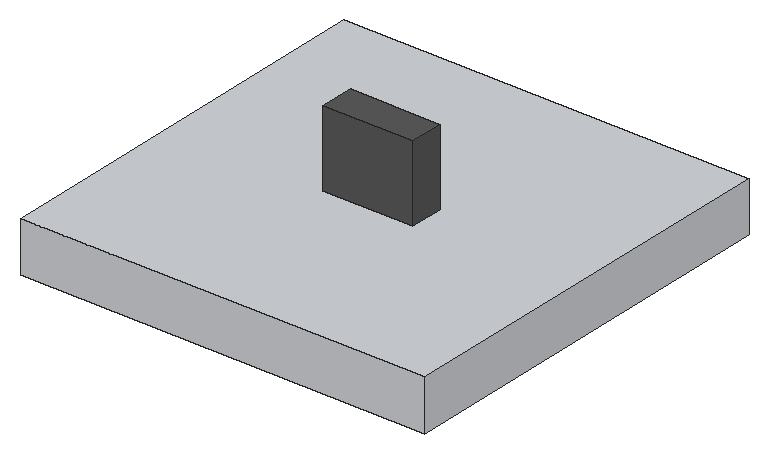
Revit family "r2018_videomax_videoserver_nastolnogo_ispolneniya", category Устройства связи, Revit 2018 (continued)
Definition of nested family "videomax_midibigtower"
  Lines and regions (mm)
    model lines, visible <- "Back_500", detail levels fine
      curve 239: circle (-61.212, 319.574, 0) r 1.962 normal (0, 0, 1)
      curve 240: circle (-84.839, 378.788, 0) r 2.679 normal (0, 0, 1)
      curve 241: circle (6.341, 376.57, 0) r 3 normal (0, 0, 1)
      curve 242: circle (8.135, 367.146, 0) r 3 normal (0, 0, 1)
      curve 243: circle (79.958, 367.286, 0) r 3 normal (0, 0, 1)
      curve 244: circle (85.997, 378.788, 0) r 3 normal (0, 0, 1)
      curve 245: circle (78.164, 448.38, 0) r 3 normal (0, 0, 1)
      curve 246: circle (88.511, 447.878, 0) r 2.68 normal (0, 0, 1)
      curve 247: circle (6.341, 448.24, 0) r 3 normal (0, 0, 1)
      curve 248: circle (-87.981, 447.878, 0) r 2.68 normal (0, 0, 1)
      curve 249: circle (-80.669, 358.6, 0) r 4.977 normal (0, 0, 1)
      curve 250: circle (-65.075, 358.6, 0) r 4.977 normal (0, 0, 1)
      curve 251: circle (-61.212, 267.61, 0) r 1.962 normal (0, 0, 1)
      curve 252: circle (8.135, 295.476, 0) r 3 normal (0, 0, 1)
      curve 253: circle (79.958, 295.476, 0) r 3 normal (0, 0, 1)
      curve 254: arc (-13.015, 97.944, 0) -> (-12.395, 97.632, 0) -> (-12.328, 96.941, 0) r 0.72
      curve 255: arc (-12.97, 91.762, 0) -> (-13.294, 91.141, 0) -> (-13.954, 90.905, 0) r 0.96
      curve 256: arc (-25.041, 90.905, 0) -> (-25.715, 91.132, 0) -> (-26.065, 91.751, 0) r 0.996
      curve 257: arc (-26.977, 96.797, 0) -> (-26.853, 97.559, 0) -> (-26.185, 97.944, 0) r 0.9
      curve 258: arc (21.91, 97.944, 0) -> (22.53, 97.632, 0) -> (22.597, 96.941, 0) r 0.72
      curve 259: arc (21.956, 91.762, 0) -> (21.631, 91.141, 0) -> (20.971, 90.905, 0) r 0.96
      curve 260: arc (9.884, 90.905, 0) -> (9.21, 91.132, 0) -> (8.86, 91.751, 0) r 0.996
      curve 261: arc (7.948, 96.797, 0) -> (8.072, 97.559, 0) -> (8.741, 97.944, 0) r 0.9
      curve 262: arc (-77.629, 266.037, 0) -> (-77.979, 265.342, 0) -> (-78.753, 265.266, 0) r 0.807
      curve 263: arc (-84.559, 265.986, 0) -> (-85.256, 266.35, 0) -> (-85.52, 267.09, 0) r 1.077
      curve 264: arc (-85.52, 279.52, 0) -> (-85.265, 280.275, 0) -> (-84.572, 280.668, 0) r 1.116
      curve 265: arc (-78.915, 281.69, 0) -> (-78.061, 281.551, 0) -> (-77.629, 280.802, 0) r 1.009
      curve 266: arc (-77.629, 306.727, 0) -> (-77.979, 306.033, 0) -> (-78.753, 305.957, 0) r 0.807
      curve 267: arc (-84.559, 306.677, 0) -> (-85.256, 307.04, 0) -> (-85.52, 307.781, 0) r 1.077
      curve 268: arc (-85.52, 320.211, 0) -> (-85.265, 320.966, 0) -> (-84.572, 321.359, 0) r 1.116
      curve 269: arc (-78.915, 322.381, 0) -> (-78.061, 322.242, 0) -> (-77.629, 321.493, 0) r 1.009
      curve 270: arc (-57.222, 272.757, 0) -> (-57.572, 272.063, 0) -> (-58.346, 271.987, 0) r 0.807
      curve 271: arc (-64.152, 272.707, 0) -> (-64.849, 273.07, 0) -> (-65.113, 273.811, 0) r 1.077
      curve 272: arc (-65.113, 312.731, 0) -> (-64.858, 313.486, 0) -> (-64.165, 313.879, 0) r 1.116
      curve 273: arc (-58.508, 314.901, 0) -> (-57.654, 314.762, 0) -> (-57.222, 314.013, 0) r 1.009
      curve 278: arc (-70.273, 401.923, 0) -> (-70.003, 401.146, 0) -> (-69.259, 400.796, 0) r 1.061
      curve 279: arc (-59.543, 400.796, 0) -> (-58.338, 400.975, 0) -> (-57.458, 401.817, 0) r 2.011
      curve 280: arc (-57.753, 429.23, 0) -> (-58.56, 429.81, 0) -> (-59.543, 429.952, 0) r 2.093
      curve 281: arc (-69.176, 429.952, 0) -> (-69.949, 429.664, 0) -> (-70.273, 428.905, 0) r 1.046
      curve 399: circle (-56.776, 18.745, 0) r 1.962 normal (0, 0, 1)
      curve 400: circle (-52.245, 22.555, 0) r 1.962 normal (0, 0, 1)
      curve 401: circle (-47.715, 18.851, 0) r 1.962 normal (0, 0, 1)
      curve 402: circle (-43.184, 22.45, 0) r 1.962 normal (0, 0, 1)
      curve 403: circle (-38.653, 18.851, 0) r 1.962 normal (0, 0, 1)
      curve 404: circle (-34.123, 22.661, 0) r 1.962 normal (0, 0, 1)
      curve 405: circle (20.245, 22.397, 0) r 1.962 normal (0, 0, 1)
      curve 406: circle (15.714, 18.798, 0) r 1.962 normal (0, 0, 1)
      curve 407: circle (11.184, 22.397, 0) r 1.962 normal (0, 0, 1)
      curve 408: circle (6.653, 18.798, 0) r 1.962 normal (0, 0, 1)
      curve 409: circle (2.122, 22.661, 0) r 1.962 normal (0, 0, 1)
      curve 410: circle (-2.408, 18.851, 0) r 1.962 normal (0, 0, 1)
      curve 411: circle (-6.939, 22.45, 0) r 1.962 normal (0, 0, 1)
      curve 412: circle (-11.469, 18.851, 0) r 1.962 normal (0, 0, 1)
      curve 413: circle (-16, 22.555, 0) r 1.962 normal (0, 0, 1)
      curve 414: circle (-25.061, 22.397, 0) r 1.962 normal (0, 0, 1)
      curve 415: circle (-29.592, 18.798, 0) r 1.962 normal (0, 0, 1)
      curve 416: circle (-20.531, 18.745, 0) r 1.962 normal (0, 0, 1)
      curve 417: arc (17.707, 275.815, 0) -> (8.128, 251.397, 0) -> (17.707, 226.979, 0) r 35.911
      curve 418: arc (21.688, 230.961, 0) -> (13.755, 251.397, 0) -> (21.688, 271.834, 0) r 30.29
      curve 419: arc (29.495, 264.027, 0) -> (25.996, 258.138, 0) -> (24.779, 251.397, 0) r 19.266
      curve 420: arc (24.779, 251.397, 0) -> (25.996, 244.657, 0) -> (29.495, 238.768, 0) r 19.266
      curve 421: arc (32.554, 241.827, 0) -> (29.983, 246.308, 0) -> (29.091, 251.397, 0) r 14.954
      curve 422: arc (29.091, 251.397, 0) -> (29.983, 256.486, 0) -> (32.554, 260.967, 0) r 14.954
      curve 423: arc (23.746, 269.776, 0) -> (18.494, 261.246, 0) -> (16.662, 251.397, 0) r 27.383
      curve 424: arc (16.662, 251.397, 0) -> (18.494, 241.549, 0) -> (23.746, 233.018, 0) r 27.383
      curve 425: arc (27.731, 237.003, 0) -> (23.694, 243.703, 0) -> (22.288, 251.397, 0) r 21.756
      curve 426: arc (22.288, 251.397, 0) -> (23.694, 259.091, 0) -> (27.731, 265.791, 0) r 21.756
      curve 427: arc (70.383, 275.815, 0) -> (79.962, 251.397, 0) -> (70.383, 226.979, 0) r 35.911
      curve 428: arc (66.402, 230.961, 0) -> (74.335, 251.397, 0) -> (66.401, 271.834, 0) r 30.29
      curve 429: arc (58.594, 264.027, 0) -> (62.093, 258.138, 0) -> (63.311, 251.397, 0) r 19.266
      curve 430: arc (63.311, 251.397, 0) -> (62.093, 244.657, 0) -> (58.594, 238.768, 0) r 19.266
      curve 431: arc (55.535, 241.827, 0) -> (58.106, 246.308, 0) -> (58.999, 251.397, 0) r 14.954
      curve 432: arc (58.999, 251.397, 0) -> (58.106, 256.486, 0) -> (55.535, 260.967, 0) r 14.954
      curve 433: arc (64.344, 269.776, 0) -> (69.595, 261.246, 0) -> (71.428, 251.397, 0) r 27.383
      curve 434: arc (71.428, 251.397, 0) -> (69.595, 241.549, 0) -> (64.344, 233.018, 0) r 27.383
      curve 435: arc (60.359, 237.003, 0) -> (64.395, 243.703, 0) -> (65.801, 251.397, 0) r 21.756
      curve 436: arc (65.801, 251.397, 0) -> (64.395, 259.091, 0) -> (60.359, 265.791, 0) r 21.756
      curve 437: arc (68.463, 225.059, 0) -> (44.045, 215.48, 0) -> (19.627, 225.059, 0) r 35.911
      curve 438: arc (23.608, 229.04, 0) -> (44.045, 221.107, 0) -> (64.481, 229.041, 0) r 30.29
      curve 439: arc (56.674, 236.848, 0) -> (50.786, 233.349, 0) -> (44.045, 232.131, 0) r 19.266
      curve 440: arc (44.045, 232.131, 0) -> (37.304, 233.349, 0) -> (31.416, 236.848, 0) r 19.266
      curve 441: arc (34.475, 239.907, 0) -> (38.956, 237.336, 0) -> (44.045, 236.443, 0) r 14.954
      curve 442: arc (44.045, 236.443, 0) -> (49.134, 237.336, 0) -> (53.615, 239.907, 0) r 14.954
      curve 443: arc (62.424, 231.098, 0) -> (53.893, 225.847, 0) -> (44.045, 224.014, 0) r 27.383
      curve 444: arc (44.045, 224.014, 0) -> (34.196, 225.847, 0) -> (25.666, 231.098, 0) r 27.383
      curve 445: arc (29.651, 235.083, 0) -> (36.351, 231.047, 0) -> (44.045, 229.641, 0) r 21.756
      curve 446: arc (44.045, 229.641, 0) -> (51.739, 231.047, 0) -> (58.439, 235.083, 0) r 21.756
      curve 447: arc (68.463, 277.735, 0) -> (44.045, 287.314, 0) -> (19.627, 277.735, 0) r 35.911
      curve 448: arc (23.608, 273.754, 0) -> (44.045, 281.687, 0) -> (64.481, 273.754, 0) r 30.29
      curve 449: arc (56.674, 265.947, 0) -> (50.786, 269.446, 0) -> (44.045, 270.663, 0) r 19.266
      curve 450: arc (44.045, 270.663, 0) -> (37.304, 269.446, 0) -> (31.416, 265.947, 0) r 19.266
      curve 451: arc (34.475, 262.888, 0) -> (38.956, 265.459, 0) -> (44.045, 266.351, 0) r 14.954
      curve 452: arc (44.045, 266.351, 0) -> (49.134, 265.459, 0) -> (53.615, 262.888, 0) r 14.954
      curve 453: arc (62.424, 271.696, 0) -> (53.893, 276.948, 0) -> (44.045, 278.78, 0) r 27.383
      curve 454: arc (44.045, 278.78, 0) -> (34.196, 276.948, 0) -> (25.666, 271.696, 0) r 27.383
      curve 490: line (19.894, 432.903, 0) -> (15.913, 436.884, 0)
      curve 491: line (15.913, 388.049, 0) -> (19.894, 392.03, 0)
      curve 492: line (30.76, 422.037, 0) -> (27.701, 425.096, 0)
      curve 493: line (27.701, 399.837, 0) -> (30.76, 402.896, 0)
      curve 494: line (25.936, 426.861, 0) -> (21.952, 430.845, 0)
      curve 495: line (21.951, 394.088, 0) -> (25.936, 398.073, 0)
      curve 496: line (64.607, 432.903, 0) -> (68.588, 436.884, 0)
      curve 497: line (68.588, 388.049, 0) -> (64.607, 392.03, 0)
      curve 498: line (53.741, 422.037, 0) -> (56.8, 425.096, 0)
      curve 499: line (56.8, 399.837, 0) -> (53.741, 402.896, 0)
      curve 500: line (58.565, 426.861, 0) -> (62.549, 430.845, 0)
      curve 501: line (62.549, 394.088, 0) -> (58.565, 398.073, 0)
      curve 502: line (62.687, 390.11, 0) -> (66.668, 386.129, 0)
      curve 503: line (17.833, 386.129, 0) -> (21.814, 390.11, 0)
      curve 504: line (51.821, 400.976, 0) -> (54.88, 397.917, 0)
      curve 505: line (29.621, 397.917, 0) -> (32.68, 400.976, 0)
      curve 506: line (56.644, 396.152, 0) -> (60.629, 392.168, 0)
      curve 507: line (23.872, 392.168, 0) -> (27.857, 396.152, 0)
      curve 508: line (62.687, 434.823, 0) -> (66.668, 438.804, 0)
      curve 509: line (17.833, 438.804, 0) -> (21.814, 434.823, 0)
      curve 510: line (51.821, 423.957, 0) -> (54.88, 427.016, 0)
      curve 511: line (29.621, 427.016, 0) -> (32.68, 423.957, 0)
      curve 512: line (56.644, 428.781, 0) -> (60.629, 432.765, 0)
      curve 513: line (23.872, 432.766, 0) -> (27.857, 428.781, 0)
      curve 514: line (21.688, 351.809, 0) -> (17.707, 355.791, 0)
      curve 515: line (17.707, 306.955, 0) -> (21.688, 310.936, 0)
      curve 516: line (32.554, 340.943, 0) -> (29.495, 344.002, 0)
      curve 517: line (29.495, 318.744, 0) -> (32.554, 321.803, 0)
      curve 518: line (27.731, 345.767, 0) -> (23.746, 349.752, 0)
      curve 519: line (23.746, 312.994, 0) -> (27.731, 316.979, 0)
      curve 520: line (66.401, 351.809, 0) -> (70.383, 355.791, 0)
      curve 521: line (70.383, 306.955, 0) -> (66.402, 310.936, 0)
      curve 522: line (55.535, 340.943, 0) -> (58.594, 344.002, 0)
      curve 523: line (58.594, 318.744, 0) -> (55.535, 321.803, 0)
      curve 524: line (60.359, 345.767, 0) -> (64.344, 349.752, 0)
      curve 525: line (64.344, 312.994, 0) -> (60.359, 316.979, 0)
      curve 526: line (64.481, 309.016, 0) -> (68.463, 305.035, 0)
      curve 527: line (19.627, 305.035, 0) -> (23.608, 309.016, 0)
      curve 528: line (53.615, 319.882, 0) -> (56.674, 316.823, 0)
      curve 529: line (31.416, 316.823, 0) -> (34.475, 319.882, 0)
      curve 530: line (58.439, 315.059, 0) -> (62.424, 311.074, 0)
      curve 531: line (25.666, 311.074, 0) -> (29.651, 315.059, 0)
      curve 532: line (64.481, 353.729, 0) -> (68.463, 357.711, 0)
      curve 533: line (19.627, 357.711, 0) -> (23.608, 353.73, 0)
      curve 534: line (53.615, 342.863, 0) -> (56.674, 345.922, 0)
      curve 535: line (31.416, 345.922, 0) -> (34.475, 342.863, 0)
      curve 536: line (58.439, 347.687, 0) -> (62.424, 351.672, 0)
      curve 537: line (25.666, 351.672, 0) -> (29.651, 347.687, 0)
      curve 551: line (-76.21, 251.842, 0) -> (-85.823, 251.842, 0)
      curve 552: line (-85.823, 251.842, 0) -> (-85.823, 234.485, 0)
      curve 553: line (-85.823, 234.485, 0) -> (-76.21, 234.485, 0)
      curve 554: line (-76.21, 234.485, 0) -> (-76.21, 239.856, 0)
      curve 555: line (-76.21, 239.856, 0) -> (-74.543, 239.856, 0)
      curve 556: line (-74.543, 239.856, 0) -> (-74.543, 246.61, 0)
      curve 557: line (-74.543, 246.61, 0) -> (-76.21, 246.61, 0)
      curve 558: line (-76.21, 246.61, 0) -> (-76.21, 251.842, 0)
      curve 559: line (-76.21, 230.763, 0) -> (-85.823, 230.763, 0)
      curve 560: line (-85.823, 230.763, 0) -> (-85.823, 213.406, 0)
      curve 561: line (-85.823, 213.406, 0) -> (-76.21, 213.406, 0)
      curve 562: line (-76.21, 213.406, 0) -> (-76.21, 218.777, 0)
      curve 563: line (-76.21, 218.777, 0) -> (-74.543, 218.777, 0)
      curve 564: line (-74.543, 218.777, 0) -> (-74.543, 225.531, 0)
      curve 565: line (-74.543, 225.531, 0) -> (-76.21, 225.531, 0)
      curve 566: line (-76.21, 225.531, 0) -> (-76.21, 230.763, 0)
      curve 567: line (79.776, 451.854, 0) -> (91.781, 438.894, 0)
      curve 571: line (-91.854, 437.609, 0) -> (-78.661, 451.854, 0)
      curve 596: line (-85.145, 348.633, 0) -> (-78.106, 348.633, 0)
      curve 597: line (-78.106, 348.633, 0) -> (-78.106, 332.848, 0)
      curve 598: line (-78.106, 332.848, 0) -> (-85.145, 332.848, 0)
      curve 599: line (-85.145, 332.848, 0) -> (-85.145, 348.633, 0)
      curve 600: line (-75.405, 348.633, 0) -> (-68.365, 348.633, 0)
      curve 601: line (-68.365, 348.633, 0) -> (-68.365, 332.848, 0)
      curve 602: line (-68.365, 332.848, 0) -> (-75.405, 332.848, 0)
      curve 603: line (-75.405, 332.848, 0) -> (-75.405, 348.633, 0)
      curve 604: line (-26.185, 97.944, 0) -> (-13.015, 97.944, 0)
      curve 605: line (-12.328, 96.941, 0) -> (-12.97, 91.762, 0)
      curve 606: line (-13.954, 90.905, 0) -> (-25.041, 90.905, 0)
      curve 607: line (-26.065, 91.751, 0) -> (-26.977, 96.797, 0)
      curve 608: line (8.741, 97.944, 0) -> (21.91, 97.944, 0)
      curve 609: line (22.597, 96.941, 0) -> (21.956, 91.762, 0)
      curve 610: line (20.971, 90.905, 0) -> (9.884, 90.905, 0)
      curve 611: line (8.86, 91.751, 0) -> (7.948, 96.797, 0)
      curve 612: line (-77.629, 280.802, 0) -> (-77.629, 266.037, 0)
      curve 613: line (-78.753, 265.266, 0) -> (-84.559, 265.986, 0)
      curve 614: line (-85.52, 267.09, 0) -> (-85.52, 279.52, 0)
      curve 615: line (-84.572, 280.668, 0) -> (-78.915, 281.69, 0)
      curve 616: line (-77.629, 321.493, 0) -> (-77.629, 306.727, 0)
      curve 617: line (-78.753, 305.957, 0) -> (-84.559, 306.677, 0)
      curve 618: line (-85.52, 307.781, 0) -> (-85.52, 320.211, 0)
      curve 619: line (-84.572, 321.359, 0) -> (-78.915, 322.381, 0)
      curve 620: line (-57.222, 314.013, 0) -> (-57.222, 272.757, 0)
      curve 621: line (-58.346, 271.987, 0) -> (-64.152, 272.707, 0)
      curve 622: line (-65.113, 273.811, 0) -> (-65.113, 312.731, 0)
      curve 623: line (-64.165, 313.879, 0) -> (-58.508, 314.901, 0)
      curve 628: line (-64.514, 422.583, 0) -> (-62.133, 422.583, 0)
      curve 629: line (-62.133, 422.583, 0) -> (-62.133, 423.959, 0)
      curve 630: line (-62.133, 423.959, 0) -> (-64.514, 423.959, 0)
      curve 631: line (-64.514, 423.959, 0) -> (-64.514, 422.583, 0)
      curve 632: line (-64.514, 406.783, 0) -> (-62.133, 406.783, 0)
      curve 633: line (-62.133, 406.783, 0) -> (-62.133, 408.159, 0)
      curve 634: line (-62.133, 408.159, 0) -> (-64.514, 408.159, 0)
      curve 635: line (-64.514, 408.159, 0) -> (-64.514, 406.783, 0)
      curve 636: line (-60.364, 414.686, 0) -> (-57.983, 414.686, 0)
      curve 637: line (-57.983, 414.686, 0) -> (-57.983, 416.061, 0)
      curve 638: line (-57.983, 416.061, 0) -> (-60.364, 416.061, 0)
      curve 639: line (-60.364, 416.061, 0) -> (-60.364, 414.686, 0)
      curve 641: line (-69.259, 400.796, 0) -> (-59.543, 400.796, 0)
      curve 642: line (-57.458, 401.817, 0) -> (-53.005, 407.576, 0)
      curve 643: line (-53.005, 407.576, 0) -> (-53.162, 424.475, 0)
      curve 644: line (-53.162, 424.475, 0) -> (-57.753, 429.23, 0)
      curve 645: line (-59.543, 429.952, 0) -> (-69.176, 429.952, 0)
      curve 646: line (-70.273, 428.905, 0) -> (-70.273, 401.923, 0)
      curve 803: line (21.688, 271.834, 0) -> (17.707, 275.815, 0)
      curve 804: line (17.707, 226.979, 0) -> (21.688, 230.961, 0)
      curve 805: line (32.554, 260.967, 0) -> (29.495, 264.027, 0)
      curve 806: line (29.495, 238.768, 0) -> (32.554, 241.827, 0)
      curve 807: line (27.731, 265.791, 0) -> (23.746, 269.776, 0)
      curve 808: line (23.746, 233.018, 0) -> (27.731, 237.003, 0)
      curve 809: line (66.401, 271.834, 0) -> (70.383, 275.815, 0)
      curve 810: line (70.383, 226.979, 0) -> (66.402, 230.961, 0)
      curve 811: line (55.535, 260.967, 0) -> (58.594, 264.027, 0)
      curve 812: line (58.594, 238.768, 0) -> (55.535, 241.827, 0)
      curve 813: line (60.359, 265.791, 0) -> (64.344, 269.776, 0)
      curve 814: line (64.344, 233.018, 0) -> (60.359, 237.003, 0)
      curve 815: line (64.481, 229.041, 0) -> (68.463, 225.059, 0)
      curve 816: line (19.627, 225.059, 0) -> (23.608, 229.04, 0)
      curve 817: line (53.615, 239.907, 0) -> (56.674, 236.848, 0)
      curve 818: line (31.416, 236.848, 0) -> (34.475, 239.907, 0)
      curve 819: line (58.439, 235.083, 0) -> (62.424, 231.098, 0)
      curve 820: line (25.666, 231.098, 0) -> (29.651, 235.083, 0)
      curve 821: line (64.481, 273.754, 0) -> (68.463, 277.735, 0)
      curve 822: line (19.627, 277.735, 0) -> (23.608, 273.754, 0)
      curve 823: line (53.615, 262.888, 0) -> (56.674, 265.947, 0)
      curve 824: line (31.416, 265.947, 0) -> (34.475, 262.888, 0)
      curve 825: line (58.439, 267.711, 0) -> (62.424, 271.696, 0)
      curve 826: line (25.666, 271.696, 0) -> (29.651, 267.711, 0)
      curve 827: arc (29.651, 267.711, 0) -> (36.351, 271.748, 0) -> (44.045, 273.153, 0) r 21.756
      curve 828: arc (44.045, 273.153, 0) -> (51.739, 271.748, 0) -> (58.439, 267.711, 0) r 21.756
      curve 829: circle (8.135, 287.171, 0) r 3 normal (0, 0, 1)
      curve 830: circle (79.958, 287.311, 0) r 3 normal (0, 0, 1)
      curve 831: circle (8.135, 215.501, 0) r 3 normal (0, 0, 1)
      curve 832: circle (79.958, 215.501, 0) r 3 normal (0, 0, 1)
      curve 833: circle (63.16, 47.476, 0) r 1.962 normal (0, 0, 1)
      curve 834: circle (59.858, 43.363, 0) r 1.962 normal (0, 0, 1)
      curve 835: circle (66.998, 43.363, 0) r 1.962 normal (0, 0, 1)
      curve 836: circle (70.299, 47.476, 0) r 1.962 normal (0, 0, 1)
      curve 837: circle (77.118, 47.476, 0) r 1.962 normal (0, 0, 1)
      curve 838: circle (84.258, 47.476, 0) r 1.962 normal (0, 0, 1)
      curve 839: circle (73.817, 43.363, 0) r 1.962 normal (0, 0, 1)
      curve 840: circle (80.957, 43.363, 0) r 1.962 normal (0, 0, 1)
      curve 841: circle (63.254, 39.249, 0) r 1.962 normal (0, 0, 1)
      curve 842: circle (59.953, 35.135, 0) r 1.962 normal (0, 0, 1)
      curve 843: circle (67.092, 35.135, 0) r 1.962 normal (0, 0, 1)
      curve 844: circle (70.394, 39.249, 0) r 1.962 normal (0, 0, 1)
      curve 845: circle (77.213, 39.249, 0) r 1.962 normal (0, 0, 1)
      curve 846: circle (84.352, 39.249, 0) r 1.962 normal (0, 0, 1)
      curve 847: circle (73.911, 35.135, 0) r 1.962 normal (0, 0, 1)
      curve 848: circle (81.051, 35.135, 0) r 1.962 normal (0, 0, 1)
      curve 849: circle (63.348, 31.022, 0) r 1.962 normal (0, 0, 1)
      curve 850: circle (60.047, 26.908, 0) r 1.962 normal (0, 0, 1)
      curve 851: circle (67.186, 26.908, 0) r 1.962 normal (0, 0, 1)
      curve 852: circle (70.488, 31.022, 0) r 1.962 normal (0, 0, 1)
      curve 853: circle (77.307, 31.022, 0) r 1.962 normal (0, 0, 1)
      curve 854: circle (84.447, 31.022, 0) r 1.962 normal (0, 0, 1)
      curve 855: circle (74.006, 26.908, 0) r 1.962 normal (0, 0, 1)
      curve 856: circle (81.145, 26.908, 0) r 1.962 normal (0, 0, 1)
      curve 857: circle (63.443, 22.794, 0) r 1.962 normal (0, 0, 1)
      curve 858: circle (60.141, 18.68, 0) r 1.962 normal (0, 0, 1)
      curve 859: circle (67.281, 18.68, 0) r 1.962 normal (0, 0, 1)
      curve 860: circle (70.582, 22.794, 0) r 1.962 normal (0, 0, 1)
      curve 861: circle (77.401, 22.794, 0) r 1.962 normal (0, 0, 1)
      curve 862: circle (84.541, 22.794, 0) r 1.962 normal (0, 0, 1)
      curve 863: circle (74.1, 18.68, 0) r 1.962 normal (0, 0, 1)
      curve 864: circle (81.239, 18.68, 0) r 1.962 normal (0, 0, 1)
      curve 865: circle (63.16, 14.566, 0) r 1.962 normal (0, 0, 1)
      curve 866: circle (59.858, 10.453, 0) r 1.962 normal (0, 0, 1)
      curve 867: circle (66.998, 10.453, 0) r 1.962 normal (0, 0, 1)
      curve 868: circle (70.299, 14.566, 0) r 1.962 normal (0, 0, 1)
      curve 869: circle (77.118, 14.566, 0) r 1.962 normal (0, 0, 1)
      curve 870: circle (84.258, 14.566, 0) r 1.962 normal (0, 0, 1)
      curve 871: circle (73.817, 10.453, 0) r 1.962 normal (0, 0, 1)
      curve 872: circle (80.957, 10.453, 0) r 1.962 normal (0, 0, 1)
      curve 873: circle (95.927, 19.137, 0) r 3 normal (0, 0, 1)
      curve 874: circle (95.927, 412.49, 0) r 3 normal (0, 0, 1)
      curve 875: circle (-95.927, 412.49, 0) r 3 normal (0, 0, 1)
      curve 1231: arc (1490.514, 428.738, 0) -> (1480.935, 404.32, 0) -> (1490.514, 379.903, 0) r 35.911
      curve 1232: arc (1494.495, 383.884, 0) -> (1486.562, 404.32, 0) -> (1494.495, 424.757, 0) r 30.29
      curve 1233: arc (1502.302, 416.95, 0) -> (1498.803, 411.061, 0) -> (1497.585, 404.32, 0) r 19.266
      curve 1234: arc (1497.585, 404.32, 0) -> (1498.803, 397.58, 0) -> (1502.302, 391.691, 0) r 19.266
      curve 1235: arc (1505.361, 394.75, 0) -> (1502.79, 399.232, 0) -> (1501.898, 404.32, 0) r 14.954
      curve 1236: arc (1501.898, 404.32, 0) -> (1502.79, 409.409, 0) -> (1505.361, 413.891, 0) r 14.954
      curve 1237: arc (1496.553, 422.699, 0) -> (1491.301, 414.169, 0) -> (1489.469, 404.32, 0) r 27.383
      curve 1238: arc (1489.469, 404.32, 0) -> (1491.301, 394.472, 0) -> (1496.553, 385.942, 0) r 27.383
      curve 1239: arc (1500.537, 389.927, 0) -> (1496.501, 396.626, 0) -> (1495.095, 404.32, 0) r 21.756
      curve 1240: arc (1495.095, 404.32, 0) -> (1496.501, 412.015, 0) -> (1500.538, 418.714, 0) r 21.756
      curve 1241: arc (1543.189, 428.738, 0) -> (1552.768, 404.32, 0) -> (1543.19, 379.903, 0) r 35.911
      curve 1242: arc (1539.208, 383.884, 0) -> (1547.141, 404.32, 0) -> (1539.208, 424.757, 0) r 30.29
      curve 1243: arc (1531.401, 416.95, 0) -> (1534.9, 411.061, 0) -> (1536.118, 404.32, 0) r 19.266
      curve 1244: arc (1536.118, 404.32, 0) -> (1534.9, 397.58, 0) -> (1531.401, 391.691, 0) r 19.266
      curve 1245: arc (1528.342, 394.75, 0) -> (1530.913, 399.232, 0) -> (1531.806, 404.32, 0) r 14.954
      curve 1246: arc (1531.806, 404.32, 0) -> (1530.913, 409.409, 0) -> (1528.342, 413.891, 0) r 14.954
      curve 1247: arc (1537.151, 422.699, 0) -> (1542.402, 414.169, 0) -> (1544.235, 404.32, 0) r 27.383
      curve 1248: arc (1544.235, 404.32, 0) -> (1542.402, 394.472, 0) -> (1537.151, 385.942, 0) r 27.383
      curve 1249: arc (1533.166, 389.927, 0) -> (1537.202, 396.626, 0) -> (1538.608, 404.32, 0) r 21.756
      curve 1250: arc (1538.608, 404.32, 0) -> (1537.202, 412.015, 0) -> (1533.166, 418.714, 0) r 21.756
      curve 1251: arc (1541.269, 377.983, 0) -> (1516.852, 368.404, 0) -> (1492.434, 377.983, 0) r 35.911
      curve 1252: arc (1496.415, 381.964, 0) -> (1516.852, 374.031, 0) -> (1537.288, 381.964, 0) r 30.29
      curve 1253: arc (1529.481, 389.771, 0) -> (1523.592, 386.272, 0) -> (1516.852, 385.054, 0) r 19.266
      curve 1254: arc (1516.852, 385.054, 0) -> (1510.111, 386.272, 0) -> (1504.222, 389.771, 0) r 19.266
      curve 1255: arc (1507.282, 392.83, 0) -> (1511.763, 390.259, 0) -> (1516.852, 389.367, 0) r 14.954
      curve 1256: arc (1516.852, 389.367, 0) -> (1521.941, 390.259, 0) -> (1526.422, 392.83, 0) r 14.954
      curve 1257: arc (1535.23, 384.022, 0) -> (1526.7, 378.77, 0) -> (1516.852, 376.937, 0) r 27.383
      curve 1258: arc (1516.852, 376.937, 0) -> (1507.003, 378.77, 0) -> (1498.473, 384.021, 0) r 27.383
      curve 1259: arc (1502.458, 388.006, 0) -> (1509.157, 383.97, 0) -> (1516.852, 382.564, 0) r 21.756
      curve 1260: arc (1516.852, 382.564, 0) -> (1524.546, 383.97, 0) -> (1531.246, 388.006, 0) r 21.756
      curve 1261: arc (1541.269, 430.658, 0) -> (1516.852, 440.237, 0) -> (1492.434, 430.658, 0) r 35.911
      curve 1262: arc (1496.415, 426.677, 0) -> (1516.852, 434.61, 0) -> (1537.288, 426.677, 0) r 30.29
      curve 1263: arc (1529.481, 418.87, 0) -> (1523.592, 422.369, 0) -> (1516.852, 423.587, 0) r 19.266
      curve 1264: arc (1516.852, 423.587, 0) -> (1510.111, 422.369, 0) -> (1504.222, 418.87, 0) r 19.266
      curve 1265: arc (1507.282, 415.811, 0) -> (1511.763, 418.382, 0) -> (1516.852, 419.274, 0) r 14.954
      curve 1266: arc (1516.852, 419.274, 0) -> (1521.941, 418.382, 0) -> (1526.422, 415.811, 0) r 14.954
      curve 1267: arc (1535.23, 424.619, 0) -> (1526.7, 429.871, 0) -> (1516.852, 431.703, 0) r 27.383
      curve 1268: arc (1516.852, 431.703, 0) -> (1507.003, 429.871, 0) -> (1498.473, 424.619, 0) r 27.383
      curve 1269: arc (1502.458, 420.635, 0) -> (1509.157, 424.671, 0) -> (1516.852, 426.077, 0) r 21.756
      curve 1270: arc (1516.852, 426.077, 0) -> (1524.546, 424.671, 0) -> (1531.246, 420.635, 0) r 21.756
      curve 1271: arc (1492.308, 347.644, 0) -> (1482.729, 323.227, 0) -> (1492.308, 298.809, 0) r 35.911
      curve 1272: arc (1496.289, 302.79, 0) -> (1488.356, 323.227, 0) -> (1496.289, 343.663, 0) r 30.29
      curve 1273: arc (1504.097, 335.856, 0) -> (1500.598, 329.967, 0) -> (1499.38, 323.227, 0) r 19.266
      curve 1274: arc (1499.38, 323.227, 0) -> (1500.597, 316.486, 0) -> (1504.096, 310.598, 0) r 19.266
      curve 1275: arc (1507.156, 313.657, 0) -> (1504.585, 318.138, 0) -> (1503.692, 323.227, 0) r 14.954
      curve 1276: arc (1503.692, 323.227, 0) -> (1504.585, 328.316, 0) -> (1507.156, 332.797, 0) r 14.954
      curve 1277: arc (1498.347, 341.606, 0) -> (1493.095, 333.075, 0) -> (1491.263, 323.227, 0) r 27.383
      curve 1278: arc (1491.263, 323.227, 0) -> (1493.095, 313.378, 0) -> (1498.347, 304.848, 0) r 27.383
      curve 1279: arc (1502.332, 308.833, 0) -> (1498.296, 315.533, 0) -> (1496.89, 323.227, 0) r 21.756
      curve 1280: arc (1496.89, 323.227, 0) -> (1498.296, 330.921, 0) -> (1502.332, 337.621, 0) r 21.756
      curve 1281: arc (1544.984, 347.644, 0) -> (1554.563, 323.227, 0) -> (1544.984, 298.809, 0) r 35.911
      curve 1282: arc (1541.003, 302.79, 0) -> (1548.936, 323.227, 0) -> (1541.003, 343.663, 0) r 30.29
      curve 1283: arc (1533.195, 335.856, 0) -> (1536.695, 329.967, 0) -> (1537.912, 323.227, 0) r 19.266
      curve 1284: arc (1537.912, 323.227, 0) -> (1536.695, 316.486, 0) -> (1533.196, 310.598, 0) r 19.266
      curve 1285: arc (1530.137, 313.657, 0) -> (1532.707, 318.138, 0) -> (1533.6, 323.227, 0) r 14.954
      curve 1286: arc (1533.6, 323.227, 0) -> (1532.707, 328.316, 0) -> (1530.136, 332.797, 0) r 14.954
      curve 1287: arc (1538.945, 341.606, 0) -> (1544.197, 333.075, 0) -> (1546.029, 323.227, 0) r 27.383
      curve 1288: arc (1546.029, 323.227, 0) -> (1544.197, 313.378, 0) -> (1538.945, 304.848, 0) r 27.383
      curve 1289: arc (1534.96, 308.833, 0) -> (1538.996, 315.533, 0) -> (1540.402, 323.227, 0) r 21.756
      curve 1290: arc (1540.402, 323.227, 0) -> (1538.996, 330.921, 0) -> (1534.96, 337.621, 0) r 21.756
      curve 1291: arc (1543.064, 296.889, 0) -> (1518.646, 287.31, 0) -> (1494.228, 296.889, 0) r 35.911
      curve 1292: arc (1498.21, 300.87, 0) -> (1518.646, 292.937, 0) -> (1539.083, 300.87, 0) r 30.29
      curve 1293: arc (1531.275, 308.677, 0) -> (1525.387, 305.178, 0) -> (1518.646, 303.961, 0) r 19.266
      curve 1294: arc (1518.646, 303.961, 0) -> (1511.905, 305.178, 0) -> (1506.017, 308.677, 0) r 19.266
      curve 1295: arc (1509.076, 311.736, 0) -> (1513.557, 309.165, 0) -> (1518.646, 308.273, 0) r 14.954
      curve 1296: arc (1518.646, 308.273, 0) -> (1523.735, 309.165, 0) -> (1528.216, 311.736, 0) r 14.954
      curve 1297: arc (1537.025, 302.928, 0) -> (1528.494, 297.676, 0) -> (1518.646, 295.844, 0) r 27.383
      curve 1298: arc (1518.646, 295.844, 0) -> (1508.798, 297.676, 0) -> (1500.267, 302.928, 0) r 27.383
      curve 1299: arc (1504.252, 306.913, 0) -> (1510.952, 302.876, 0) -> (1518.646, 301.47, 0) r 21.756
      curve 1300: arc (1518.646, 301.47, 0) -> (1526.34, 302.876, 0) -> (1533.04, 306.913, 0) r 21.756
      curve 1301: arc (1543.064, 349.565, 0) -> (1518.646, 359.144, 0) -> (1494.228, 349.565, 0) r 35.911
      curve 1302: arc (1498.21, 345.583, 0) -> (1518.646, 353.517, 0) -> (1539.083, 345.583, 0) r 30.29
      curve 1303: arc (1531.275, 337.776, 0) -> (1525.387, 341.275, 0) -> (1518.646, 342.493, 0) r 19.266
      curve 1304: arc (1518.646, 342.493, 0) -> (1511.905, 341.275, 0) -> (1506.017, 337.776, 0) r 19.266
      curve 1305: arc (1509.076, 334.717, 0) -> (1513.557, 337.288, 0) -> (1518.646, 338.181, 0) r 14.954
      curve 1306: arc (1518.646, 338.181, 0) -> (1523.735, 337.288, 0) -> (1528.216, 334.717, 0) r 14.954
      curve 1307: arc (1537.025, 343.526, 0) -> (1528.494, 348.777, 0) -> (1518.646, 350.61, 0) r 27.383
      curve 1308: arc (1518.646, 350.61, 0) -> (1508.798, 348.777, 0) -> (1500.267, 343.526, 0) r 27.383
      curve 1309: arc (1504.252, 339.541, 0) -> (1510.952, 343.577, 0) -> (1518.646, 344.983, 0) r 21.756
      curve 1310: arc (1518.646, 344.983, 0) -> (1526.34, 343.577, 0) -> (1533.04, 339.541, 0) r 21.756
      curve 1311: circle (1534.177, 92.809, 0) r 1.962 normal (0, 0, 1)
      curve 1312: circle (1537.572, 88.695, 0) r 1.962 normal (0, 0, 1)
      curve 1313: circle (1541.316, 92.809, 0) r 1.962 normal (0, 0, 1)
      curve 1314: circle (1534.271, 84.581, 0) r 1.962 normal (0, 0, 1)
      curve 1315: circle (1541.41, 84.581, 0) r 1.962 normal (0, 0, 1)
      curve 1316: circle (1544.712, 88.695, 0) r 1.962 normal (0, 0, 1)
      curve 1317: circle (1548.135, 92.809, 0) r 1.962 normal (0, 0, 1)
      curve 1318: circle (1555.275, 92.809, 0) r 1.962 normal (0, 0, 1)
      curve 1319: circle (1551.531, 88.695, 0) r 1.962 normal (0, 0, 1)
      curve 1320: circle (1558.671, 88.695, 0) r 1.962 normal (0, 0, 1)
      curve 1321: circle (1548.23, 84.581, 0) r 1.962 normal (0, 0, 1)
      curve 1322: circle (1555.369, 84.581, 0) r 1.962 normal (0, 0, 1)
      curve 1323: circle (1537.667, 80.468, 0) r 1.962 normal (0, 0, 1)
      curve 1324: circle (1534.365, 76.354, 0) r 1.962 normal (0, 0, 1)
      curve 1325: circle (1541.505, 76.354, 0) r 1.962 normal (0, 0, 1)
      curve 1326: circle (1544.806, 80.468, 0) r 1.962 normal (0, 0, 1)
      curve 1327: circle (1551.625, 80.468, 0) r 1.962 normal (0, 0, 1)
      curve 1328: circle (1558.765, 80.468, 0) r 1.962 normal (0, 0, 1)
      curve 1329: circle (1548.324, 76.354, 0) r 1.962 normal (0, 0, 1)
      curve 1330: circle (1555.463, 76.354, 0) r 1.962 normal (0, 0, 1)
      curve 1331: circle (1537.761, 72.24, 0) r 1.962 normal (0, 0, 1)
      curve 1332: circle (1534.459, 68.126, 0) r 1.962 normal (0, 0, 1)
      curve 1333: circle (1541.599, 68.126, 0) r 1.962 normal (0, 0, 1)
      curve 1334: circle (1544.901, 72.24, 0) r 1.962 normal (0, 0, 1)
      curve 1335: circle (1551.72, 72.24, 0) r 1.962 normal (0, 0, 1)
      curve 1336: circle (1558.859, 72.24, 0) r 1.962 normal (0, 0, 1)
      curve 1337: circle (1548.418, 68.126, 0) r 1.962 normal (0, 0, 1)
      curve 1338: circle (1555.558, 68.126, 0) r 1.962 normal (0, 0, 1)
      curve 1339: circle (1537.855, 64.013, 0) r 1.962 normal (0, 0, 1)
      curve 1340: circle (1534.554, 59.899, 0) r 1.962 normal (0, 0, 1)
      curve 1341: circle (1541.693, 59.899, 0) r 1.962 normal (0, 0, 1)
      curve 1342: circle (1544.995, 64.013, 0) r 1.962 normal (0, 0, 1)
      curve 1343: circle (1551.814, 64.013, 0) r 1.962 normal (0, 0, 1)
      curve 1344: circle (1558.954, 64.013, 0) r 1.962 normal (0, 0, 1)
      curve 1345: circle (1548.512, 59.899, 0) r 1.962 normal (0, 0, 1)
      curve 1346: circle (1555.652, 59.899, 0) r 1.962 normal (0, 0, 1)
      curve 1347: circle (1537.572, 55.785, 0) r 1.962 normal (0, 0, 1)
      curve 1348: circle (1534.271, 51.671, 0) r 1.962 normal (0, 0, 1)
      curve 1349: circle (1541.41, 51.671, 0) r 1.962 normal (0, 0, 1)
      curve 1350: circle (1544.712, 55.785, 0) r 1.962 normal (0, 0, 1)
      curve 1351: circle (1551.531, 55.785, 0) r 1.962 normal (0, 0, 1)
      curve 1352: circle (1558.671, 55.785, 0) r 1.962 normal (0, 0, 1)
      curve 1353: circle (1548.23, 51.671, 0) r 1.962 normal (0, 0, 1)
      curve 1354: circle (1555.369, 51.671, 0) r 1.962 normal (0, 0, 1)
      curve 1355: circle (1537.667, 47.558, 0) r 1.962 normal (0, 0, 1)
      curve 1356: circle (1534.365, 43.444, 0) r 1.962 normal (0, 0, 1)
      curve 1357: circle (1541.505, 43.444, 0) r 1.962 normal (0, 0, 1)
      curve 1358: circle (1544.806, 47.558, 0) r 1.962 normal (0, 0, 1)
      curve 1359: circle (1551.625, 47.558, 0) r 1.962 normal (0, 0, 1)
      curve 1360: circle (1558.765, 47.558, 0) r 1.962 normal (0, 0, 1)
      curve 1361: circle (1548.324, 43.444, 0) r 1.962 normal (0, 0, 1)
      curve 1362: circle (1555.463, 43.444, 0) r 1.962 normal (0, 0, 1)
      curve 1363: circle (1417.825, 66.849, 0) r 1.962 normal (0, 0, 1)
      curve 1364: circle (1422.356, 70.659, 0) r 1.962 normal (0, 0, 1)
      curve 1365: circle (1426.887, 66.955, 0) r 1.962 normal (0, 0, 1)
      curve 1366: circle (1431.417, 70.553, 0) r 1.962 normal (0, 0, 1)
      curve 1367: circle (1435.948, 66.955, 0) r 1.962 normal (0, 0, 1)
      curve 1368: circle (1440.479, 70.765, 0) r 1.962 normal (0, 0, 1)
      curve 1369: circle (1443.817, 86.279, 0) r 1.962 normal (0, 0, 1)
      curve 1370: circle (1466.078, 86.279, 0) r 1.962 normal (0, 0, 1)
      curve 1371: circle (1478.742, 86.279, 0) r 1.962 normal (0, 0, 1)
      curve 1372: circle (1501.003, 86.279, 0) r 1.962 normal (0, 0, 1)
      curve 1373: circle (1494.846, 70.501, 0) r 1.962 normal (0, 0, 1)
      curve 1374: circle (1490.316, 66.902, 0) r 1.962 normal (0, 0, 1)
      curve 1375: circle (1485.785, 70.501, 0) r 1.962 normal (0, 0, 1)
      curve 1376: circle (1481.254, 66.902, 0) r 1.962 normal (0, 0, 1)
      curve 1377: circle (1476.724, 70.765, 0) r 1.962 normal (0, 0, 1)
      curve 1378: circle (1472.193, 66.955, 0) r 1.962 normal (0, 0, 1)
      curve 1379: circle (1467.662, 70.553, 0) r 1.962 normal (0, 0, 1)
      curve 1380: circle (1463.132, 66.955, 0) r 1.962 normal (0, 0, 1)
      curve 1381: circle (1458.601, 70.659, 0) r 1.962 normal (0, 0, 1)
      curve 1382: circle (1449.54, 70.501, 0) r 1.962 normal (0, 0, 1)
      curve 1383: circle (1445.009, 66.902, 0) r 1.962 normal (0, 0, 1)
      curve 1384: circle (1454.07, 66.849, 0) r 1.962 normal (0, 0, 1)
      curve 1385: circle (1417.825, 48.099, 0) r 1.962 normal (0, 0, 1)
      curve 1386: circle (1422.356, 51.909, 0) r 1.962 normal (0, 0, 1)
      curve 1387: circle (1426.887, 48.205, 0) r 1.962 normal (0, 0, 1)
      curve 1388: circle (1431.417, 51.803, 0) r 1.962 normal (0, 0, 1)
      curve 1389: circle (1435.948, 48.205, 0) r 1.962 normal (0, 0, 1)
      curve 1390: circle (1440.479, 52.015, 0) r 1.962 normal (0, 0, 1)
      curve 1391: circle (1494.846, 51.751, 0) r 1.962 normal (0, 0, 1)
      curve 1392: circle (1490.316, 48.152, 0) r 1.962 normal (0, 0, 1)
      curve 1393: circle (1485.785, 51.751, 0) r 1.962 normal (0, 0, 1)
      curve 1394: circle (1481.254, 48.152, 0) r 1.962 normal (0, 0, 1)
      curve 1395: circle (1476.724, 52.015, 0) r 1.962 normal (0, 0, 1)
      curve 1396: circle (1472.193, 48.205, 0) r 1.962 normal (0, 0, 1)
      curve 1397: circle (1467.662, 51.803, 0) r 1.962 normal (0, 0, 1)
      curve 1398: circle (1463.132, 48.205, 0) r 1.962 normal (0, 0, 1)
      curve 1399: circle (1458.601, 51.909, 0) r 1.962 normal (0, 0, 1)
      curve 1400: circle (1449.54, 51.751, 0) r 1.962 normal (0, 0, 1)
      curve 1401: circle (1445.009, 48.152, 0) r 1.962 normal (0, 0, 1)
      curve 1402: circle (1454.07, 48.099, 0) r 1.962 normal (0, 0, 1)
      curve 1403: circle (1417.825, 29.349, 0) r 1.962 normal (0, 0, 1)
      curve 1404: circle (1422.356, 33.159, 0) r 1.962 normal (0, 0, 1)
      curve 1405: circle (1426.887, 29.455, 0) r 1.962 normal (0, 0, 1)
      curve 1406: circle (1431.417, 33.053, 0) r 1.962 normal (0, 0, 1)
      curve 1407: circle (1435.948, 29.455, 0) r 1.962 normal (0, 0, 1)
      curve 1408: circle (1440.479, 33.265, 0) r 1.962 normal (0, 0, 1)
      curve 1409: circle (1494.846, 33.001, 0) r 1.962 normal (0, 0, 1)
      curve 1410: circle (1490.316, 29.402, 0) r 1.962 normal (0, 0, 1)
      curve 1411: circle (1485.785, 33.001, 0) r 1.962 normal (0, 0, 1)
      curve 1412: circle (1481.254, 29.402, 0) r 1.962 normal (0, 0, 1)
      curve 1413: circle (1476.724, 33.265, 0) r 1.962 normal (0, 0, 1)
      curve 1414: circle (1472.193, 29.455, 0) r 1.962 normal (0, 0, 1)
      curve 1415: circle (1467.662, 33.053, 0) r 1.962 normal (0, 0, 1)
      curve 1416: circle (1463.132, 29.455, 0) r 1.962 normal (0, 0, 1)
      curve 1417: circle (1458.601, 33.159, 0) r 1.962 normal (0, 0, 1)
      curve 1418: circle (1449.54, 33.001, 0) r 1.962 normal (0, 0, 1)
      curve 1419: circle (1445.009, 29.402, 0) r 1.962 normal (0, 0, 1)
      curve 1420: circle (1454.07, 29.349, 0) r 1.962 normal (0, 0, 1)
      curve 1421: circle (1392.982, 252.743, 0) r 1.962 normal (0, 0, 1)
      curve 1422: circle (1392.982, 277.72, 0) r 1.962 normal (0, 0, 1)
      curve 1423: circle (1392.982, 293.434, 0) r 1.962 normal (0, 0, 1)
      curve 1424: circle (1392.982, 318.411, 0) r 1.962 normal (0, 0, 1)
      curve 1425: circle (1413.389, 311.428, 0) r 1.962 normal (0, 0, 1)
      curve 1426: circle (1389.762, 370.642, 0) r 2.679 normal (0, 0, 1)
      curve 1427: circle (1480.942, 368.424, 0) r 3 normal (0, 0, 1)
      curve 1428: circle (1482.736, 359, 0) r 3 normal (0, 0, 1)
      curve 1429: circle (1554.56, 359.14, 0) r 3 normal (0, 0, 1)
      curve 1430: circle (1560.599, 370.642, 0) r 3 normal (0, 0, 1)
      curve 1431: circle (1552.765, 440.234, 0) r 3 normal (0, 0, 1)
      curve 1432: circle (1563.112, 439.732, 0) r 2.68 normal (0, 0, 1)
      curve 1433: circle (1480.942, 440.094, 0) r 3 normal (0, 0, 1)
      curve 1434: circle (1386.62, 439.732, 0) r 2.68 normal (0, 0, 1)
      curve 1435: circle (1393.933, 350.454, 0) r 4.977 normal (0, 0, 1)
      curve 1436: circle (1409.526, 350.454, 0) r 4.977 normal (0, 0, 1)
      curve 1437: circle (1413.389, 259.464, 0) r 1.962 normal (0, 0, 1)
      curve 1438: circle (1482.736, 287.33, 0) r 3 normal (0, 0, 1)
      curve 1439: circle (1554.56, 287.33, 0) r 3 normal (0, 0, 1)
      curve 1440: arc (1461.587, 89.798, 0) -> (1462.206, 89.485, 0) -> (1462.273, 88.795, 0) r 0.72
      curve 1441: arc (1461.632, 83.616, 0) -> (1461.307, 82.995, 0) -> (1460.647, 82.759, 0) r 0.96
      curve 1442: arc (1449.56, 82.759, 0) -> (1448.886, 82.986, 0) -> (1448.536, 83.605, 0) r 0.996
      curve 1443: arc (1447.624, 88.651, 0) -> (1447.748, 89.413, 0) -> (1448.417, 89.798, 0) r 0.9
      curve 1444: arc (1496.512, 89.798, 0) -> (1497.131, 89.485, 0) -> (1497.199, 88.795, 0) r 0.72
      curve 1445: arc (1496.557, 83.616, 0) -> (1496.233, 82.995, 0) -> (1495.572, 82.759, 0) r 0.96
      curve 1446: arc (1484.485, 82.759, 0) -> (1483.811, 82.986, 0) -> (1483.461, 83.605, 0) r 0.996
      curve 1447: arc (1482.549, 88.651, 0) -> (1482.673, 89.413, 0) -> (1483.342, 89.798, 0) r 0.9
      curve 1448: arc (1396.972, 257.89, 0) -> (1396.622, 257.196, 0) -> (1395.848, 257.12, 0) r 0.807
      curve 1449: arc (1390.042, 257.84, 0) -> (1389.345, 258.203, 0) -> (1389.081, 258.944, 0) r 1.077
      curve 1450: arc (1389.081, 271.374, 0) -> (1389.336, 272.129, 0) -> (1390.029, 272.522, 0) r 1.116
      curve 1451: arc (1395.686, 273.544, 0) -> (1396.54, 273.405, 0) -> (1396.972, 272.656, 0) r 1.009
      curve 1452: arc (1396.972, 298.581, 0) -> (1396.622, 297.887, 0) -> (1395.848, 297.811, 0) r 0.807
      curve 1453: arc (1390.042, 298.531, 0) -> (1389.345, 298.894, 0) -> (1389.081, 299.635, 0) r 1.077
      curve 1454: arc (1389.081, 312.065, 0) -> (1389.336, 312.82, 0) -> (1390.029, 313.213, 0) r 1.116
      curve 1455: arc (1395.686, 314.235, 0) -> (1396.54, 314.096, 0) -> (1396.972, 313.347, 0) r 1.009
      curve 1456: arc (1417.38, 264.611, 0) -> (1417.029, 263.917, 0) -> (1416.255, 263.841, 0) r 0.807
      curve 1457: arc (1410.449, 264.561, 0) -> (1409.752, 264.924, 0) -> (1409.488, 265.664, 0) r 1.077
      curve 1458: arc (1409.488, 304.585, 0) -> (1409.743, 305.34, 0) -> (1410.436, 305.733, 0) r 1.116
      curve 1459: arc (1416.093, 306.755, 0) -> (1416.947, 306.616, 0) -> (1417.38, 305.866, 0) r 1.009
      curve 1464: arc (1404.328, 393.777, 0) -> (1404.598, 393, 0) -> (1405.342, 392.65, 0) r 1.061
      curve 1465: arc (1415.059, 392.65, 0) -> (1416.263, 392.829, 0) -> (1417.144, 393.671, 0) r 2.011
      curve 1466: arc (1416.848, 421.084, 0) -> (1416.041, 421.664, 0) -> (1415.059, 421.806, 0) r 2.093
      curve 1467: arc (1405.425, 421.806, 0) -> (1404.652, 421.518, 0) -> (1404.328, 420.759, 0) r 1.046
      curve 1468: circle (1417.825, 10.599, 0) r 1.962 normal (0, 0, 1)
      curve 1469: circle (1422.356, 14.409, 0) r 1.962 normal (0, 0, 1)
      curve 1470: circle (1426.887, 10.705, 0) r 1.962 normal (0, 0, 1)
      curve 1471: circle (1431.417, 14.303, 0) r 1.962 normal (0, 0, 1)
      curve 1472: circle (1435.948, 10.705, 0) r 1.962 normal (0, 0, 1)
      curve 1473: circle (1440.479, 14.515, 0) r 1.962 normal (0, 0, 1)
      curve 1474: circle (1494.846, 14.251, 0) r 1.962 normal (0, 0, 1)
      curve 1475: circle (1490.316, 10.652, 0) r 1.962 normal (0, 0, 1)
      curve 1476: circle (1485.785, 14.251, 0) r 1.962 normal (0, 0, 1)
      curve 1477: circle (1481.254, 10.652, 0) r 1.962 normal (0, 0, 1)
      curve 1478: circle (1476.724, 14.515, 0) r 1.962 normal (0, 0, 1)
      curve 1479: circle (1472.193, 10.705, 0) r 1.962 normal (0, 0, 1)
      curve 1480: circle (1467.662, 14.303, 0) r 1.962 normal (0, 0, 1)
      curve 1481: circle (1463.132, 10.705, 0) r 1.962 normal (0, 0, 1)
      curve 1482: circle (1458.601, 14.409, 0) r 1.962 normal (0, 0, 1)
      curve 1483: circle (1449.54, 14.251, 0) r 1.962 normal (0, 0, 1)
      curve 1484: circle (1445.009, 10.652, 0) r 1.962 normal (0, 0, 1)
      curve 1485: circle (1454.07, 10.599, 0) r 1.962 normal (0, 0, 1)
      curve 1486: arc (1492.308, 267.669, 0) -> (1482.729, 243.251, 0) -> (1492.308, 218.833, 0) r 35.911
      curve 1487: arc (1496.289, 222.815, 0) -> (1488.356, 243.251, 0) -> (1496.289, 263.688, 0) r 30.29
      curve 1488: arc (1504.097, 255.88, 0) -> (1500.597, 249.992, 0) -> (1499.38, 243.251, 0) r 19.266
      curve 1489: arc (1499.38, 243.251, 0) -> (1500.597, 236.51, 0) -> (1504.096, 230.622, 0) r 19.266
      curve 1490: arc (1507.156, 233.681, 0) -> (1504.585, 238.162, 0) -> (1503.692, 243.251, 0) r 14.954
      curve 1491: arc (1503.692, 243.251, 0) -> (1504.585, 248.34, 0) -> (1507.156, 252.821, 0) r 14.954
      curve 1492: arc (1498.347, 261.63, 0) -> (1493.095, 253.099, 0) -> (1491.263, 243.251, 0) r 27.383
      curve 1493: arc (1491.263, 243.251, 0) -> (1493.095, 233.403, 0) -> (1498.347, 224.872, 0) r 27.383
      curve 1494: arc (1502.332, 228.857, 0) -> (1498.296, 235.557, 0) -> (1496.89, 243.251, 0) r 21.756
      curve 1495: arc (1496.89, 243.251, 0) -> (1498.296, 250.945, 0) -> (1502.332, 257.645, 0) r 21.756
      curve 1496: arc (1544.984, 267.669, 0) -> (1554.563, 243.251, 0) -> (1544.984, 218.833, 0) r 35.911
      curve 1497: arc (1541.003, 222.815, 0) -> (1548.936, 243.251, 0) -> (1541.003, 263.688, 0) r 30.29
      curve 1498: arc (1533.195, 255.88, 0) -> (1536.695, 249.992, 0) -> (1537.912, 243.251, 0) r 19.266
      curve 1499: arc (1537.912, 243.251, 0) -> (1536.695, 236.51, 0) -> (1533.196, 230.622, 0) r 19.266
      curve 1500: arc (1530.137, 233.681, 0) -> (1532.707, 238.162, 0) -> (1533.6, 243.251, 0) r 14.954
      curve 1501: arc (1533.6, 243.251, 0) -> (1532.707, 248.34, 0) -> (1530.136, 252.821, 0) r 14.954
      curve 1502: arc (1538.945, 261.63, 0) -> (1544.197, 253.099, 0) -> (1546.029, 243.251, 0) r 27.383
      curve 1503: arc (1546.029, 243.251, 0) -> (1544.197, 233.403, 0) -> (1538.945, 224.872, 0) r 27.383
      curve 1504: arc (1534.96, 228.857, 0) -> (1538.996, 235.557, 0) -> (1540.402, 243.251, 0) r 21.756
      curve 1505: arc (1540.402, 243.251, 0) -> (1538.996, 250.945, 0) -> (1534.96, 257.645, 0) r 21.756
      curve 1506: arc (1543.064, 216.913, 0) -> (1518.646, 207.334, 0) -> (1494.228, 216.913, 0) r 35.911
      curve 1507: arc (1498.21, 220.894, 0) -> (1518.646, 212.961, 0) -> (1539.083, 220.894, 0) r 30.29
      curve 1508: arc (1531.275, 228.702, 0) -> (1525.387, 225.203, 0) -> (1518.646, 223.985, 0) r 19.266
      curve 1509: arc (1518.646, 223.985, 0) -> (1511.905, 225.202, 0) -> (1506.017, 228.702, 0) r 19.266
      curve 1510: arc (1509.076, 231.761, 0) -> (1513.557, 229.19, 0) -> (1518.646, 228.297, 0) r 14.954
      curve 1511: arc (1518.646, 228.297, 0) -> (1523.735, 229.19, 0) -> (1528.216, 231.761, 0) r 14.954
      curve 1512: arc (1537.025, 222.952, 0) -> (1528.494, 217.7, 0) -> (1518.646, 215.868, 0) r 27.383
      curve 1513: arc (1518.646, 215.868, 0) -> (1508.798, 217.7, 0) -> (1500.267, 222.952, 0) r 27.383
      curve 1514: arc (1504.252, 226.937, 0) -> (1510.952, 222.901, 0) -> (1518.646, 221.495, 0) r 21.756
      curve 1515: arc (1518.646, 221.495, 0) -> (1526.34, 222.901, 0) -> (1533.04, 226.937, 0) r 21.756
      curve 1516: arc (1543.064, 269.589, 0) -> (1518.646, 279.168, 0) -> (1494.228, 269.589, 0) r 35.911
      curve 1517: arc (1498.21, 265.608, 0) -> (1518.646, 273.541, 0) -> (1539.083, 265.608, 0) r 30.29
      curve 1518: arc (1531.275, 257.8, 0) -> (1525.387, 261.3, 0) -> (1518.646, 262.517, 0) r 19.266
      curve 1519: arc (1518.646, 262.517, 0) -> (1511.905, 261.3, 0) -> (1506.017, 257.801, 0) r 19.266
      curve 1520: arc (1509.076, 254.742, 0) -> (1513.557, 257.312, 0) -> (1518.646, 258.205, 0) r 14.954
      curve 1521: arc (1518.646, 258.205, 0) -> (1523.735, 257.312, 0) -> (1528.216, 254.741, 0) r 14.954
      curve 1522: arc (1537.025, 263.55, 0) -> (1528.494, 268.802, 0) -> (1518.646, 270.634, 0) r 27.383
      curve 1523: arc (1518.646, 270.634, 0) -> (1508.798, 268.802, 0) -> (1500.267, 263.55, 0) r 27.383
      curve 1524: line (1494.495, 424.757, 0) -> (1490.514, 428.738, 0)
      curve 1525: line (1490.514, 379.903, 0) -> (1494.495, 383.884, 0)
      curve 1526: line (1505.361, 413.891, 0) -> (1502.302, 416.95, 0)
      curve 1527: line (1502.302, 391.691, 0) -> (1505.361, 394.75, 0)
      curve 1528: line (1500.538, 418.714, 0) -> (1496.553, 422.699, 0)
      curve 1529: line (1496.553, 385.942, 0) -> (1500.537, 389.927, 0)
      curve 1530: line (1539.208, 424.757, 0) -> (1543.189, 428.738, 0)
      curve 1531: line (1543.19, 379.903, 0) -> (1539.208, 383.884, 0)
      curve 1532: line (1528.342, 413.891, 0) -> (1531.401, 416.95, 0)
      curve 1533: line (1531.401, 391.691, 0) -> (1528.342, 394.75, 0)
      curve 1534: line (1533.166, 418.714, 0) -> (1537.151, 422.699, 0)
      curve 1535: line (1537.151, 385.942, 0) -> (1533.166, 389.927, 0)
      curve 1536: line (1537.288, 381.964, 0) -> (1541.269, 377.983, 0)
      curve 1537: line (1492.434, 377.983, 0) -> (1496.415, 381.964, 0)
      curve 1538: line (1526.422, 392.83, 0) -> (1529.481, 389.771, 0)
      curve 1539: line (1504.222, 389.771, 0) -> (1507.282, 392.83, 0)
      curve 1540: line (1531.246, 388.006, 0) -> (1535.23, 384.022, 0)
      curve 1541: line (1498.473, 384.021, 0) -> (1502.458, 388.006, 0)
      curve 1542: line (1537.288, 426.677, 0) -> (1541.269, 430.658, 0)
      curve 1543: line (1492.434, 430.658, 0) -> (1496.415, 426.677, 0)
      curve 1544: line (1526.422, 415.811, 0) -> (1529.481, 418.87, 0)
      curve 1545: line (1504.222, 418.87, 0) -> (1507.282, 415.811, 0)
      curve 1546: line (1531.246, 420.635, 0) -> (1535.23, 424.619, 0)
      curve 1547: line (1498.473, 424.619, 0) -> (1502.458, 420.635, 0)
      curve 1548: line (1496.289, 343.663, 0) -> (1492.308, 347.644, 0)
      curve 1549: line (1492.308, 298.809, 0) -> (1496.289, 302.79, 0)
      curve 1550: line (1507.156, 332.797, 0) -> (1504.097, 335.856, 0)
      curve 1551: line (1504.096, 310.598, 0) -> (1507.156, 313.657, 0)
      curve 1552: line (1502.332, 337.621, 0) -> (1498.347, 341.606, 0)
      curve 1553: line (1498.347, 304.848, 0) -> (1502.332, 308.833, 0)
      curve 1554: line (1541.003, 343.663, 0) -> (1544.984, 347.644, 0)
      curve 1555: line (1544.984, 298.809, 0) -> (1541.003, 302.79, 0)
      curve 1556: line (1530.136, 332.797, 0) -> (1533.195, 335.856, 0)
      curve 1557: line (1533.196, 310.598, 0) -> (1530.137, 313.657, 0)
      curve 1558: line (1534.96, 337.621, 0) -> (1538.945, 341.606, 0)
      curve 1559: line (1538.945, 304.848, 0) -> (1534.96, 308.833, 0)
      curve 1560: line (1539.083, 300.87, 0) -> (1543.064, 296.889, 0)
      curve 1561: line (1494.228, 296.889, 0) -> (1498.21, 300.87, 0)
      curve 1562: line (1528.216, 311.736, 0) -> (1531.275, 308.677, 0)
      curve 1563: line (1506.017, 308.677, 0) -> (1509.076, 311.736, 0)
      curve 1564: line (1533.04, 306.913, 0) -> (1537.025, 302.928, 0)
      curve 1565: line (1500.267, 302.928, 0) -> (1504.252, 306.913, 0)
      curve 1566: line (1539.083, 345.583, 0) -> (1543.064, 349.565, 0)
      curve 1567: line (1494.228, 349.565, 0) -> (1498.21, 345.583, 0)
      curve 1568: line (1528.216, 334.717, 0) -> (1531.275, 337.776, 0)
      curve 1569: line (1506.017, 337.776, 0) -> (1509.076, 334.717, 0)
      curve 1570: line (1533.04, 339.541, 0) -> (1537.025, 343.526, 0)
      curve 1571: line (1500.267, 343.526, 0) -> (1504.252, 339.541, 0)
      curve 1578: line (1398.392, 243.696, 0) -> (1388.779, 243.696, 0)
      curve 1579: line (1388.779, 243.696, 0) -> (1388.779, 226.339, 0)
      curve 1580: line (1388.779, 226.339, 0) -> (1398.392, 226.339, 0)
      curve 1581: line (1398.392, 226.339, 0) -> (1398.392, 231.71, 0)
      curve 1582: line (1398.392, 231.71, 0) -> (1400.059, 231.71, 0)
      curve 1583: line (1400.059, 231.71, 0) -> (1400.059, 238.464, 0)
      curve 1584: line (1400.059, 238.464, 0) -> (1398.392, 238.464, 0)
      curve 1585: line (1398.392, 238.464, 0) -> (1398.392, 243.696, 0)
      curve 1586: line (1398.392, 222.616, 0) -> (1388.779, 222.616, 0)
      curve 1587: line (1388.779, 222.616, 0) -> (1388.779, 205.26, 0)
      curve 1588: line (1388.779, 205.26, 0) -> (1398.392, 205.26, 0)
      curve 1589: line (1398.392, 205.26, 0) -> (1398.392, 210.631, 0)
      curve 1590: line (1398.392, 210.631, 0) -> (1400.059, 210.631, 0)
      curve 1591: line (1400.059, 210.631, 0) -> (1400.059, 217.385, 0)
      curve 1592: line (1400.059, 217.385, 0) -> (1398.392, 217.385, 0)
      curve 1593: line (1398.392, 217.385, 0) -> (1398.392, 222.616, 0)
      curve 1594: line (1554.377, 443.708, 0) -> (1566.382, 430.748, 0)
      curve 1598: line (1382.747, 429.463, 0) -> (1395.94, 443.708, 0)
      curve 1623: line (1389.456, 340.487, 0) -> (1396.495, 340.487, 0)
      curve 1624: line (1396.495, 340.487, 0) -> (1396.495, 324.702, 0)
      curve 1625: line (1396.495, 324.702, 0) -> (1389.456, 324.702, 0)
      curve 1626: line (1389.456, 324.702, 0) -> (1389.456, 340.487, 0)
      curve 1627: line (1399.197, 340.487, 0) -> (1406.236, 340.487, 0)
      curve 1628: line (1406.236, 340.487, 0) -> (1406.236, 324.702, 0)
      curve 1629: line (1406.236, 324.702, 0) -> (1399.197, 324.702, 0)
      curve 1630: line (1399.197, 324.702, 0) -> (1399.197, 340.487, 0)
      curve 1631: line (1448.417, 89.798, 0) -> (1461.587, 89.798, 0)
      curve 1632: line (1462.273, 88.795, 0) -> (1461.632, 83.616, 0)
      curve 1633: line (1460.647, 82.759, 0) -> (1449.56, 82.759, 0)
      curve 1634: line (1448.536, 83.605, 0) -> (1447.624, 88.651, 0)
      curve 1635: line (1483.342, 89.798, 0) -> (1496.512, 89.798, 0)
      curve 1636: line (1497.199, 88.795, 0) -> (1496.557, 83.616, 0)
      curve 1637: line (1495.572, 82.759, 0) -> (1484.485, 82.759, 0)
      curve 1638: line (1483.461, 83.605, 0) -> (1482.549, 88.651, 0)
      curve 1639: line (1396.972, 272.656, 0) -> (1396.972, 257.89, 0)
      curve 1640: line (1395.848, 257.12, 0) -> (1390.042, 257.84, 0)
      curve 1641: line (1389.081, 258.944, 0) -> (1389.081, 271.374, 0)
      curve 1642: line (1390.029, 272.522, 0) -> (1395.686, 273.544, 0)
      curve 1643: line (1396.972, 313.347, 0) -> (1396.972, 298.581, 0)
      curve 1644: line (1395.848, 297.811, 0) -> (1390.042, 298.531, 0)
      curve 1645: line (1389.081, 299.635, 0) -> (1389.081, 312.065, 0)
      curve 1646: line (1390.029, 313.213, 0) -> (1395.686, 314.235, 0)
      curve 1647: line (1417.38, 305.866, 0) -> (1417.38, 264.611, 0)
      curve 1648: line (1416.255, 263.841, 0) -> (1410.449, 264.561, 0)
      curve 1649: line (1409.488, 265.664, 0) -> (1409.488, 304.585, 0)
      curve 1650: line (1410.436, 305.733, 0) -> (1416.093, 306.755, 0)
      curve 1655: line (1410.087, 414.437, 0) -> (1412.468, 414.437, 0)
      curve 1656: line (1412.468, 414.437, 0) -> (1412.468, 415.813, 0)
      curve 1657: line (1412.468, 415.813, 0) -> (1410.087, 415.813, 0)
      curve 1658: line (1410.087, 415.813, 0) -> (1410.087, 414.437, 0)
      curve 1659: line (1410.087, 398.637, 0) -> (1412.468, 398.637, 0)
      curve 1660: line (1412.468, 398.637, 0) -> (1412.468, 400.013, 0)
      curve 1661: line (1412.468, 400.013, 0) -> (1410.087, 400.013, 0)
      curve 1662: line (1410.087, 400.013, 0) -> (1410.087, 398.637, 0)
      curve 1663: line (1414.237, 406.539, 0) -> (1416.618, 406.539, 0)
      curve 1664: line (1416.618, 406.539, 0) -> (1416.618, 407.915, 0)
      curve 1665: line (1416.618, 407.915, 0) -> (1414.237, 407.915, 0)
      curve 1666: line (1414.237, 407.915, 0) -> (1414.237, 406.539, 0)
      curve 1668: line (1405.342, 392.65, 0) -> (1415.059, 392.65, 0)
      curve 1669: line (1417.144, 393.671, 0) -> (1421.596, 399.43, 0)
